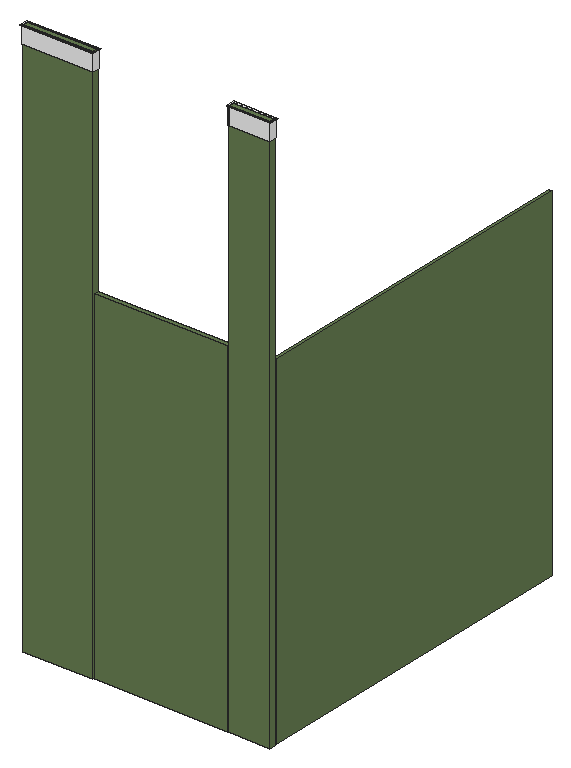
Revit family "Partition_HDPE_CeilingHung_Metpar", category Casework, Revit 2026
Family settings
  Work Plane-Based = No
  Always vertical = Yes
  Cut with Voids When Loaded = No
  Shared = Yes
  Room Calculation Point = No
Parameters (values of type "As Specified")
  offset = 0' - 5 3/4"
  Warranty Duration (Years) = 0
  Wall Extension Length [instance] = 2' - 4 3/4"
  Unit Width = 3' - 0"
  Unit Depth [instance] = 5' - 0"
  URL = "http://www.metpar.com/"
  Type Comments = "Contact Manufacturer for More Information"
  Test Data = "http://www.metpar.com/firerating.asp"
  Hinge [instance] = "[Nylon Cam][Stainless Steel Multi-Cam]"
  Has Cross Bracing [instance] = no
  Default Elevation = 0' - 0"
  Cross Bracing Location [instance] = 1' - 6 37/128"
  Ceiling Support Location [instance] = 0' - 1"
  StrkPnlOffset = if((Offset Strike Panel), (StrkPilast2 - (Panel Thickness / 2)), 0' 0")  # 0' - 3 1/4"
  StrkPilast2 = Pilaster Width_Strike Side / 2  # 0' - 3 1/2"
  Strike Side Panel = yes
  Strike Pilaster = yes
  Specification = "http://www.arcat.com/sdspecs/htm/10155met.htm"
  Show Structural Ceiling Support [instance] = yes
  Pilaster Thickness = 0' - 0 3/4"
  Panel Thickness = 0' - 0 1/2"
  Outswing [instance] = no
  Offset Strike Panel = yes
  Offset Hinge Panel = no
  Inswing [instance] = yes
  HngPnlOffset = if((Offset Hinge Panel), (HngPilast2 - (Panel Thickness / 2)), 0' 0")  # 0' - 0"
  Hinge Side Panel = no
  Send Message = "http://www.arcat.com/users.pl?action=UserEmail&company=Metpar%20Corp.&coid=34179&rep=111&fax=516-333-2618&mf="
  Sales Information = "http://www.metpar.com/distributors.asp"
  Revision = "R1_04-2011"
  Product Properties = "http://www.arcat.com/bim/bim_info.pl?fn=Metpar"
  Product Data = "http://www.arcat.com/arcatcos/cos34/arc34179.html"
  Pilaster Width_Hinge Side = 1' - 0"
  Pilaster Width_Strike Side = 0' - 7"
  Pilaster Height [instance] = Ceiling Height - Panel Height from Floor  # 8' - 0"
  Panel Height from Floor = 1' - 0"
  Panel Height = 4' - 11"
  Model = "Ceiling Hung"
  Material [instance] = HDPE - Finish as Specified
  Manufacturer Website = "http://www.metpar.com/"
  Manufacturer Phone - Toll Free = "888-METPAR-1"
  Manufacturer Phone = "516-333-2600"
  Manufacturer Fax = "516-333-2618"
  Manufacturer Address = "95 State St. Westbury, NY 11590"
  Manufacturer = "Metpar Corp."
  Maintenance Schedule (Months) = 0
  Keynote = "10 21 00"
  Installation-Fabrication = "http://www.metpar.com/insthelp.asp"
  Installation Phase = ""
  HngPilast2 = Pilaster Width_Hinge Side / 2  # 0' - 6"
  Hinge Pilaster = yes
  Has Wall extension = no
  Has Door = yes
  Hardware Finish [instance] = Aluminum
  Green Building-LEED = "http://www.arcat.com/green/clients/leed_data_34179.html"
  GapStrk = if((Offset Strike Panel), ((Panel Thickness / 2) + 0' 1"), 0' 0")  # 0' - 1 1/4"
  GapHng = if((Offset Hinge Panel), ((Panel Thickness / 2) + 0' 1"), 0' 0")  # 0' - 0"
  Expected Lifespan (Years) = 0
  Drawn By = "Robert S. Weygant, CSI, CDT, SCIP"
  Door Width [instance] = Unit Width - HngPilast2 - StrkPilast2 - StrkPnlOffset - HngPnlOffset + 0' 0 1/2"  # 1' - 11 3/4"
  Door Thickness = 0' - 0 3/4"
  Door Height = (Panel Height)  # 4' - 11"
  Door Handle Height = 3' - 0"
  Description = "Partition as Specified in 10 21 00"
  Copyright = "2011, ARCAT, Inc"
  Construction Details = "http://www.arcat.com/details/metparco/metparco.html?coid=34179"
  Ceiling Height = 9' - 0"
  Building Codes = "http://www.metpar.com/restroomPartitionsSpecifications.asp"
  Bracket Type [instance] = ""
  Assembly Code = "C1010400"
Reference planes (in)
  plane 1 "Center (Front/Back)": y = -5.0189183
  plane 2 "Bottom": z = 0
  plane 3 "Center (Left/Right)": x = -1.3290036
  plane 4 "Front": y = -35.0189183
  plane 5 "Back": y = 24.9810817
  plane 6 "Left": x = -17.7040036
  plane 7 "Right": x = 15.0459964
  plane 8 "Panel Base": z = 12
  plane 9: z = 36
  plane 10 "Wall Extension": x = -46.4540036
  plane 11: x = 11.5459964
  plane 12: x = 18.2959964
  plane 13: x = -17.7040036
  plane 14 "Loc Line Hinge": x = -17.7040036
  plane 15 "Loc Line Strike": x = 19.5459964
  plane 16: x = -17.7040036
  plane 17 "Ceiling": z = 108
  plane 18: z = 109
  plane 19: z = 89.7109375
Forms (in)
  Extrusion 1, solid, material "Aluminum" <- "Hardware Finish", visible <- "Has Cross Bracing"
    sketch origin (-1.3290036, 0, 0) x (0, 1, 0) y (0, 0, 1)
      loop
        line (-35.0189183, 89.7109375) -> (-35.0189183, 88.7109375) -> (-33.5189183, 88.7109375) -> (-33.5189183, 89.7109375) -> (-35.0189183, 89.7109375)
    from -18 to 16.375
Lines and regions (in)
  symbolic lines, visible <- "Inswing"
    curve 1: line (-11.7040036, -34.5189183, 12) -> (5.0897825, -17.7251322, 12)
    curve 2: line (5.0897825, -17.7251322, 12) -> (5.7968893, -18.432239, 12)
    curve 3: line (5.7968893, -18.432239, 12) -> (-10.9968968, -35.226025, 12)
    curve 4: line (-10.9968968, -35.226025, 12) -> (-11.7040036, -34.5189183, 12)
  symbolic lines, visible <- "Outswing"
    curve 5: line (-11.7040036, -35.5189183, 12) -> (5.0897825, -52.3127043, 12)
    curve 6: line (5.0897825, -52.3127043, 12) -> (5.7968893, -51.6055975, 12)
    curve 7: line (5.7968893, -51.6055975, 12) -> (-10.9968968, -34.8118115, 12)
    curve 8: line (-10.9968968, -34.8118115, 12) -> (-11.7040036, -35.5189183, 12)
Dimensions and locks (in)
  equal spacing: plane 5 "Back", plane 1 "Center (Front/Back)", plane 4 "Front"
  "Unit Depth": plane 5 "Back" to plane 4 "Front"
  "Panel Height from Floor": plane 8 "Panel Base" to plane 2 "Bottom"
  equal spacing: plane 6 "Left", plane 3 "Center (Left/Right)", plane 7 "Right"
  "Unit Width": plane 13 to plane 12
  "Door Handle Height": plane 9 to plane 2 "Bottom"
  "Wall Extension Length": plane 10 "Wall Extension" to plane 6 "Left"
  "StrkPilast2": plane 11 to plane 7 "Right"
  "StrkPnlOffset": plane 7 "Right" to plane 12
  "HngPnlOffset": plane 13 to plane 6 "Left"
  "Door Width": curve 2 to curve 4
  locked: curve 1 to curve 3 at 1
  "Door Width": curve 6 to curve 8
  locked: curve 5 to curve 7 at 1
  "GapStrk": plane 12 to plane 15 "Loc Line Strike"
  "GapHng": plane 14 "Loc Line Hinge" to plane 13
  "HngPnlOffset": plane 13 to plane 16
  "Ceiling Height": plane 17 "Ceiling" to plane 2 "Bottom"
  "Ceiling Support Location": plane 18 to plane 17 "Ceiling"
  "Cross Bracing Location": plane 17 "Ceiling" to plane 19
  locked: Extrusion 1 sketch curve to Extrusion 1 sketch curve at 1.5
  locked: Extrusion 1 sketch curve to Extrusion 1 sketch curve at 1
  aligned and locked: plane 4 "Front" to nested 1
  aligned and locked: plane 5 "Back" to nested 1
  aligned and locked: nested 2 to plane 4 "Front"
  aligned and locked: plane 4 "Front" to nested 3
  aligned and locked: nested 4 to plane 4 "Front"
  aligned and locked: plane 10 "Wall Extension" to nested 4
  aligned and locked: nested 3 to plane 11
  aligned and locked: nested 5 to plane 4 "Front"
  aligned and locked: nested 6 to plane 5 "Back"
  aligned and locked: nested 6 to plane 4 "Front"
  aligned and locked: plane 12 to nested 6
  aligned and locked: plane 13 to nested 1
  aligned and locked: nested 2 to curve 4
  aligned and locked: nested 2 to curve 8
  aligned and locked: plane 17 "Ceiling" to nested 5
  aligned and locked: plane 7 "Right" to nested 5
  aligned and locked: plane 17 "Ceiling" to nested 2
  aligned and locked: plane 16 to nested 2
  aligned and locked: plane 19 to Extrusion 1 sketch curve
  aligned and locked: Extrusion 1 sketch curve to plane 4 "Front"
  aligned and locked: plane 7 "Right" to Extrusion 1
  aligned and locked: nested 3 to nested 2
  aligned and locked: nested 2 to nested 4
Automatic sketch dimensions
  plane 4 "Front" to curve 8 = 0' - 0.20711"
  curve 4 to curve 7 = 0' - 0"
  curve 8 to curve 1 = 0' - 0.70711"
  plane 4 "Front" to curve 1 = 0' - 0 1/2"
Nested families (in)
  nested 1: "Panel" at (-17.7040036, -5.0189183, 12) x (0, 1, 0) z (0, 0, 1), visible <- "Hinge Side Panel", type "Panel"
    with offset 0' - 0", Panel Width 5' - 0", Panel Height 4' - 11", Hardware Clearance 0' - 0.3823"
  nested 2: "Pilaster" at (-17.7040036, -35.0189183, 12), Pilaster Width <- "Pilaster Width_Hinge Side", Pilaster Height <- "Pilaster Height", visible <- "Hinge Pilaster", type "Ceiling Mount"
    with offset 0' - 0", headrail extension 1' - 2", Pilaster Width 1' - 0", Pilaster Height 8' - 0", Top Shoe yes, Base Shoe no
  nested 3: "Door" at (0.2959964, -35.0189183, 12) x (-1, 0, 0) z (0, 0, 1), visible <- "Has Door", type "Door"
    with offset 0' - 0", Door Width 1' - 11 1/4", Door Thickness 0' - 0 3/4", Door Height 4' - 11"
  nested 4: "Panel" at (-35.0790036, -35.0189183, 12), visible <- "Has Wall extension", type "Panel"
    with offset 0' - 0", Panel Width 1' - 10 3/4", Panel Height 4' - 11", Hardware Clearance 0' - 0.3823"
  nested 5: "Pilaster" at (15.0459964, -35.0189183, 12), Pilaster Width <- "Pilaster Width_Strike Side", Pilaster Height <- "Pilaster Height", visible <- "Strike Pilaster", type "Ceiling Mount"
    with offset 0' - 0", headrail extension 1' - 2", Pilaster Width 0' - 7", Pilaster Height 8' - 0", Top Shoe yes, Base Shoe no
  nested 6: "Panel" at (18.2959964, -5.0189183, 12) x (0, 1, 0) z (0, 0, 1), visible <- "Strike Side Panel", type "Panel"
    with offset 0' - 0", Panel Width 5' - 0", Panel Height 4' - 11", Hardware Clearance 0' - 0.3823"
Definition of nested family "Panel"
  Parameters
    offset [instance] = 0' - 0"
    Warranty Duration (Years) = 0
    Unit Width = 0' - 8"
    Unit Height = 1' - 0"
    Unit Depth = 0' - 1"
    URL = ""
    Top Shoe height = 0' - 3"
    Test Data = ""
    Specification = ""
    SpecWizard = ""
    Send Message = ""
    Sales Information = ""
    Revision = "R1_03-2010"
    Product Properties = "http://www.arcat.com/bim/bim_info.pl?fn="
    Product Data = ""
    Panel Width [instance] = 6' - 0"
    Panel Thickness = 0' - 0 1/2"
    Panel Height = 4' - 0"
    Model = ""
    Material = none
    Manufacturer Website = ""
    Manufacturer Phone - Toll Free = ""
    Manufacturer Phone = ""
    Manufacturer Fax = ""
    Manufacturer Address = ""
    Manufacturer = ""
    Maintenance Schedule (Months) = 0
    Keynote = ""
    Installation-Fabrication = ""
    Installation Phase = ""
    Hardware Clearance = 0' - 0 1/2"
    Green Building-LEED = ""
    Front Hardware Clearance = 0' - 1"
    Expected Lifespan (Years) = 0
    Drawn By = "Robert S. Weygant, CSI, CDT, SCIP"
    Description = ""
    Default Elevation = 4' - 0"
    Copyright = "2010, ARCAT, Inc"
    Construction Details = ""
    Building Codes = ""
    Base Shoe Height = 0' - 3"
    Assembly Code = "A"
  Reference planes (in)
    plane 1 "Center (Front/Back)": y = 0
    plane 2 "Bottom": z = 0
    plane 3 "Center (Left/Right)": x = 0
    plane 4 "Front": y = -0.25
    plane 5 "Back": y = 0.25
    plane 6 "Left": x = -36
    plane 7 "Right": x = 36
    plane 8 "Top": z = 48
  Forms (in)
    Extrusion 1, solid, material <- "Material"
      sketch origin (0, 0, 0) x (1, 0, 0) y (0, 1, 0)
        loop
          line (-35, 0.25) -> (-35, -0.25) -> (35.5, -0.25) -> (35.5, 0.25) -> (-35, 0.25)
      from 0 to 48
  Dimensions and locks (in)
    equal spacing: plane 5 "Back", plane 1 "Center (Front/Back)", plane 4 "Front"
    "Panel Thickness": plane 5 "Back" to plane 4 "Front"
    equal spacing: plane 6 "Left", plane 3 "Center (Left/Right)", plane 7 "Right"
    "Panel Width": plane 6 "Left" to plane 7 "Right"
    "Panel Height": plane 8 "Top" to plane 2 "Bottom"
    "Front Hardware Clearance": plane 6 "Left" to Extrusion 1 sketch curve
    "Hardware Clearance": Extrusion 1 sketch curve to plane 7 "Right"
    aligned and locked: Extrusion 1 sketch curve to plane 5 "Back"
    aligned and locked: Extrusion 1 sketch curve to plane 4 "Front"
    aligned and locked: plane 8 "Top" to Extrusion 1
    aligned and locked: Extrusion 1 to plane 2 "Bottom"
Definition of nested family "Pilaster"
  Parameters
    offset [instance] = 0' - 0"
    headrail extension [instance] = 1' - 4 9/16"
    Warranty Duration (Years) = 0
    Unit Width = 0' - 8"
    Unit Height = 1' - 0"
    Unit Depth = 0' - 1"
    URL = ""
    Top Shoe height = 0' - 3"
    Top Shoe = no
    Test Data = ""
    Specification = ""
    SpecWizard = ""
    Send Message = ""
    Sales Information = ""
    Revision = "R1_03-2010"
    Product Properties = "http://www.arcat.com/bim/bim_info.pl?fn="
    Product Data = ""
    Pilaster Width [instance] = 0' - 8"
    Pilaster Thickness = 0' - 1"
    Pilaster Height [instance] = 4' - 0"
    Model = ""
    Material = none
    Manufacturer Website = ""
    Manufacturer Phone - Toll Free = ""
    Manufacturer Phone = ""
    Manufacturer Fax = ""
    Manufacturer Address = ""
    Manufacturer = ""
    Maintenance Schedule (Months) = 0
    Keynote = ""
    Installation-Fabrication = ""
    Installation Phase = ""
    Hardware Finish = none
    Green Building-LEED = ""
    Expected Lifespan (Years) = 0
    Drawn By = "Robert S. Weygant, CSI, CDT, SCIP"
    Description = ""
    Default Elevation = 0' - 0"
    Copyright = "2010, ARCAT, Inc"
    Construction Details = ""
    Building Codes = ""
    Base Shoe Height = 0' - 3"
    Base Shoe = yes
    Assembly Code = "A"
  Reference planes (in)
    plane 1 "Center (Front/Back)": y = 0
    plane 2 "Bottom": z = 0
    plane 3 "Center (Left/Right)": x = 0
    plane 4 "Front": y = -0.5
    plane 5 "Back": y = 0.5
    plane 6 "Left": x = -4
    plane 7 "Right": x = 4
    plane 8 "Top": z = 48
    plane 9 "Headrail Extension": x = 20.5625
  Forms (in)
    Extrusion 1, solid, material <- "Material"
      sketch origin (0, 0, 0) x (1, 0, 0) y (0, 1, 0)
        loop
          line (-4, 0.5) -> (-4, -0.5) -> (4, -0.5) -> (4, 0.5) -> (-4, 0.5)
      from 0 to 48
    Sweep 2, solid, material <- "Hardware Finish", visible <- "Base Shoe", detail levels fine
      path origin (0, 0, 0) x (1, 0, 0) y (0, 1, 0)
        loop
          line (-4, 0.5) -> (-4, -0.5) -> (4, -0.5) -> (4, 0.5) -> (-4, 0.5)
      profile origin (0, 0.5, 0) x (0, 1, 0) y (0, 0, 1)
        loop
          line (0, 0) -> (0.25, 0)
          arc (0.25, 0) -> (0.1616117, 0.0366117) -> (0.125, 0.125) r 0.125
          line (0.125, 0.125) -> (0.125, 3) -> (0, 3) -> (0, 0)
    Sweep 3, solid, material <- "Hardware Finish", visible <- "Top Shoe", detail levels fine
      path origin (0, 0, 80.1978505) x (0, -1, 0) y (1, 0, 0)
        loop
          line (-0.5, -4) -> (0.5, -4) -> (0.5, 4) -> (-0.5, 4) -> (-0.5, -4)
      profile origin (0, 0.5, 80.1978505) x (0, 1, 0) y (0, 0, 1)
        loop
          line (0, -32.1978505) -> (0, -35.1978505) -> (0.125, -35.1978505) -> (0.125, -32.3228505)
          arc (0.125, -32.3228505) -> (0.1616117, -32.2344621) -> (0.25, -32.1978505) r 0.125
          line (0.25, -32.1978505) -> (0, -32.1978505)
  Dimensions and locks (in)
    equal spacing: plane 5 "Back", plane 1 "Center (Front/Back)", plane 4 "Front"
    "Pilaster Thickness": plane 5 "Back" to plane 4 "Front"
    equal spacing: plane 6 "Left", plane 3 "Center (Left/Right)", plane 7 "Right"
    "Pilaster Width": plane 6 "Left" to plane 7 "Right"
    "Pilaster Height": plane 8 "Top" to plane 2 "Bottom"
    locked: Sweep 3 sketch curve to Sweep 3 sketch curve at 0.125
    "Top Shoe height": plane 8 "Top" to Sweep 3 sketch curve
    "Base Shoe Height": Sweep 2 sketch curve to Sweep 2 sketch curve
    "headrail extension": plane 7 "Right" to plane 9 "Headrail Extension"
    aligned and locked: plane 6 "Left" to Extrusion 1 sketch curve
    aligned and locked: Extrusion 1 sketch curve to plane 5 "Back"
    aligned and locked: plane 4 "Front" to Extrusion 1 sketch curve
    aligned and locked: Extrusion 1 sketch curve to plane 7 "Right"
    aligned and locked: plane 8 "Top" to Extrusion 1
    aligned and locked: Extrusion 1 to plane 2 "Bottom"
    aligned and locked: Sweep 2 sketch curve to plane 5 "Back"  (x2)
    aligned and locked: Sweep 2 sketch curve to plane 7 "Right"
    aligned and locked: plane 4 "Front" to Sweep 2 sketch curve
    aligned and locked: plane 6 "Left" to Sweep 2 sketch curve
    aligned and locked: plane 8 "Top" to Sweep 3 sketch curve
    aligned and locked: plane 5 "Back" to Sweep 3 sketch curve
    aligned and locked: plane 2 "Bottom" to Sweep 2 sketch curve
  Automatic sketch dimensions
    Sweep 2 sketch curve to profile plane = 0' - 0 1/8"
    Sweep 2 sketch curve to Sweep 2 sketch curve = 0' - 0 1/8"
    Sweep 3 sketch curve to plane 5 "Back" = 0' - 0"
    Sweep 3 sketch curve to plane 4 "Front" = 0' - 0"
    Sweep 3 sketch curve to plane 6 "Left" = 0' - 0"
    Sweep 3 sketch curve to plane 7 "Right" = 0' - 0"
    Sweep 3 sketch curve to Sweep 3 sketch curve = 0' - 0 1/8"
Definition of nested family "Door"
  Parameters
    offset [instance] = 0' - 0"
    Warranty Duration (Years) = 0
    Unit Width = 0' - 8"
    Unit Height = 1' - 0"
    Unit Depth = 0' - 1"
    URL = ""
    Top Shoe height = 0' - 3"
    Top Shoe = yes
    Test Data = ""
    Specification = ""
    SpecWizard = ""
    Send Message = ""
    Sales Information = ""
    Revision = "R1_03-2010"
    Product Properties = "http://www.arcat.com/bim/bim_info.pl?fn="
    Product Data = ""
    Model = ""
    Material = none
    Manufacturer Website = ""
    Manufacturer Phone - Toll Free = ""
    Manufacturer Phone = ""
    Manufacturer Fax = ""
    Manufacturer Address = ""
    Manufacturer = ""
    Maintenance Schedule (Months) = 0
    Keynote = ""
    Installation-Fabrication = ""
    Installation Phase = ""
    Hinge Offset = 0' - 0 1/4"
    Hardware Finish = none
    Green Building-LEED = ""
    Expected Lifespan (Years) = 0
    Drawn By = "Robert S. Weygant, CSI, CDT, SCIP"
    Door Width [instance] = 2' - 0"
    Door Thickness = 0' - 1"
    Door Height = 4' - 6"
    Description = ""
    Default Elevation = 4' - 0"
    Copyright = "2010, ARCAT, Inc"
    Construction Details = ""
    Building Codes = ""
    Base Shoe Height = 0' - 3"
    Base Shoe = yes
    Assembly Code = "A"
  Reference planes (in)
    plane 1 "Center (Front/Back)": y = 0
    plane 2 "Bottom": z = 0
    plane 3 "Center (Left/Right)": x = 0
    plane 4 "Front": y = -0.5
    plane 5 "Back": y = 0.5
    plane 6 "Strike Side": x = -12
    plane 7 "Hinge Side": x = 12
    plane 8 "Top": z = 54
    plane 9: z = 52
  Forms (in)
    Extrusion 1, solid, material <- "Material"
      sketch origin (0, 0, 0) x (1, 0, 0) y (0, 0, 1)
        loop
          line (-11.75, 54) -> (-11.75, 0) -> (11.75, 0) -> (11.75, 54) -> (-11.75, 54)
      from -0.5 to 0.5
  Dimensions and locks (in)
    equal spacing: plane 5 "Back", plane 1 "Center (Front/Back)", plane 4 "Front"
    "Door Thickness": plane 5 "Back" to plane 4 "Front"
    equal spacing: plane 6 "Strike Side", plane 3 "Center (Left/Right)", plane 7 "Hinge Side"
    "Door Width": plane 6 "Strike Side" to plane 7 "Hinge Side"
    "Door Height": plane 8 "Top" to plane 2 "Bottom"
    "Hinge Offset": Extrusion 1 sketch curve to plane 6 "Strike Side"
    locked: plane 8 "Top" to plane 9 at 2
    aligned and locked: Extrusion 1 sketch curve to plane 8 "Top"
    aligned and locked: plane 2 "Bottom" to Extrusion 1 sketch curve
    aligned and locked: plane 5 "Back" to Extrusion 1
    aligned and locked: Extrusion 1 to plane 4 "Front"
  Automatic sketch dimensions
    Extrusion 1 sketch curve to plane 7 "Hinge Side" = 0' - 0 1/4"
